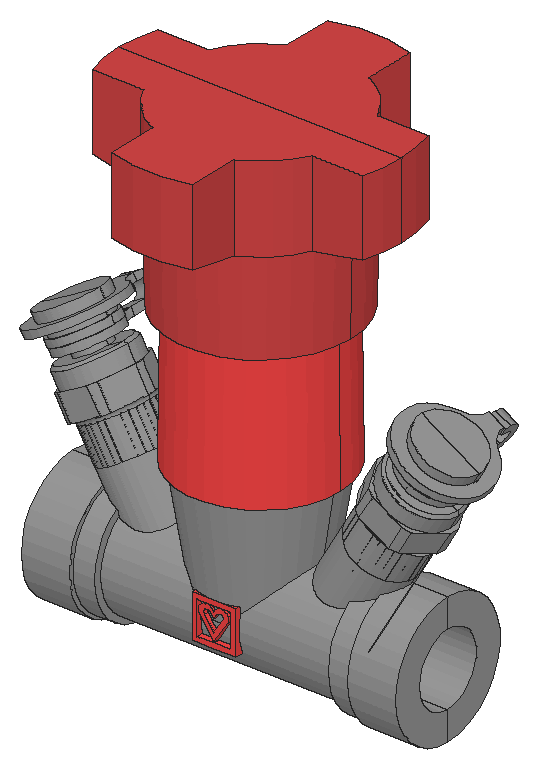
Revit family "HERZ Strömax Commissioning Valve With Test Points 4217 GN", category Rohrzubehör, Revit 2018
Family settings
  Bemaßung runder Anschluss = Durchmesser verwenden
  Teiletyp = Unterbricht
  OmniClass-Nummer = 23.65.55.14
  OmniClass-Titel = Valves for Liquid Services
  Arbeitsebenenbasiert = Nein
  Immer vertikal = Ja
  Beim Laden mit Abzugskörper schneiden = Nein
  Gemeinsam genutzt = Nein
Parameters
  kvs-value [instance] = if(Nennweite = 15.00 mm, 1.14, if(Nennweite = 20.00 mm, 2.38, if(Nennweite = 25.00 mm, 5.24, if(Nennweite = 32.00 mm, 8.6, if(Nennweite = 40.00 mm, 10.49, if(Nennweite = 50.00 mm, 16.78, 0))))))  # 1.14
  W02 = 60.00°  # constant formula
  W01 = 30.00°  # constant formula
  URL = "www.herzvalves.com"
  Spindle seals = "EPDM"  # constant formula
  Spindle = "brass CW617N"  # constant formula
  SC_NennweiteBerechnet = 0
  SC_Dimension = ""
  SCRNSEQ = "ARM;ARM_TYP=\"STRV\";2"
  SCRNCODE = "05;07;02"  # constant formula
  S02 = 60.00 mm  # constant formula
  S01 [instance] = DN15_DN50  # 92.00 mm
  R01 [instance] = size_lookup("4217_GN_", "R1", 1.00 mm, Nennweite)  # 11.35 mm
  Part number [instance] = size_lookup("4217_GN_", "Artnr", 0, Nennweite)  # 1421771
  Nennweite [instance] = 15.00 mm
  Model = "STRÖMAX-GN commissioning valve with equal percentage characteristic graph and test points, 1/2′′ – 2′′.\r\nScrew down model, brass version, socket x socket, non-rising spindle, spindle seal by means of double-O-ring, presetting by limitation of valve lift by means of internal spindle;\r\ndisplay of presetting step on the handwheel shaft."
  Medium = "Water purity in accordance with the OeNORM H5195 and VDI 2035 standards.\r\nEthylene and propylene glycol can be mixed to a ratio of 25 - 50 vol. %."
  Max. operating pressure = 2500000.0 Pa  # constant formula
  Max. operating temperature (up to DN32) = 130 °C  # constant formula
  Max. operating temperature (from DN40) = 110 °C  # constant formula
  ML02 [instance] = size_lookup("4217_GN_", "ML2", 1.00 mm, Nennweite)  # 29.70 mm
  ML01 [instance] = size_lookup("4217_GN_", "ML1", 1.00 mm, Nennweite)  # 15.15 mm
  MD01 = 7.40 mm  # constant formula
  L02 [instance] = size_lookup("4217_GN_", "L2", 1.00 mm, Nennweite)  # 10.00 mm
  L01 [instance] = size_lookup("4217_GN_", "L1", 1.00 mm, Nennweite)  # 14.70 mm
  L00 [instance] = size_lookup("4217_GN_", "L", 1.00 mm, Nennweite)  # 78.00 mm
  Internal threaded connectors = "acc. ISO 7/1"  # constant formula
  IG [instance] = Nennweite / 2  # 7.50 mm
  Hersteller = "HERZ Armaturen Ges.m.b.H."  # constant formula
  Hand wheel = "Polyamide, red"  # constant formula
  H01 = 41.50 mm  # constant formula
  H00 [instance] = size_lookup("4217_GN_", "H", 1.00 mm, Nennweite)  # 25.40 mm
  Weight [instance] = if(Nennweite = 15.00 mm, "0.50 kg", if(Nennweite = 20.00 mm, "0.58 kg", if(Nennweite = 25.00 mm, "0.81 kg", if(Nennweite = 32.00 mm, "1.2 kg", if(Nennweite = 40.00 mm, "1.37 kg", if(Nennweite = 50.00 mm, "2.06 kg", "0 kg"))))))  # "0.50 kg"
  GT [instance] = size_lookup("4217_GN_", "GT", 1.00 mm, Nennweite)  # 13.20 mm
  Field of application = "For hydraulic balancing in heating and cooling systems, adjustment of distribution mains, circuits, heat exchangers, heating and cooling registers, etc.\r\nClose the valve clockwise."
  Installation position = "The non-rising valve spindle arranged perpendicular to the valve axis guarantees optimum accessibility and optimum valve operation in any installation position."
  Differential pressure measurement = "STRÖMAX-GN commissioning valve is equipped with two test points.\r\nThe differential pressure can be measured using a suitable measuring instrument, which permits calculation of the flow rate as a function of the respective presetting step.\r\nThe HERZ-Measuring computer (1 8900 05) permits direct flow rate reading (consult the equipment manual)."
  DN50 [instance] = Nennweite = 50.00 mm  # no
  DN40 [instance] = Nennweite = 40.00 mm  # no
  DN32 [instance] = Nennweite = 32.00 mm  # no
  DN25 [instance] = Nennweite = 25.00 mm  # no
  DN20 [instance] = Nennweite = 20.00 mm  # no
  DN15_DN50 [instance] = if(Nennweite = 15.00 mm, 92.00 mm, if(Nennweite = 20.00 mm, 95.00 mm, if(Nennweite = 25.00 mm, 102.00 mm, if(Nennweite = 32.00 mm, 114.00 mm, if(Nennweite = 40.00 mm, 114.00 mm, if(Nennweite = 50.00 mm, 119.00 mm, 0.00 mm))))))  # 92.00 mm
  DN15 [instance] = Nennweite = 15.00 mm  # yes
  D05 = 16.75 mm  # constant formula
  D04 = 16.25 mm  # constant formula
  D03 [instance] = size_lookup("4217_GN_", "D3", 1.00 mm, Nennweite)  # 15.50 mm
  D02 [instance] = size_lookup("4217_GN_", "D2", 1.00 mm, Nennweite)  # 13.50 mm
  D01 [instance] = size_lookup("4217_GN_", "D1", 1.00 mm, Nennweite)  # 12.70 mm
  Body = "brass CW602N"  # constant formula
Reference planes
  plane 1 "Mitte (Vorne/hinten)": y = 0
  plane 2: z = 0
  plane 3 "Mitte (Links/rechts)": x = 0
Forms (mm)
  Revolve 1, solid, material "Messing, weicher Gelbton, geschweißt", detail levels fine
    sketch origin (0, 0, 0) x (1, 0, 0) y (0, 0, 1)
      loop
        line (-39, 13.5) -> (-39, 7.5) -> (-25.8, 7.5) -> (-25.8, 0) -> (25.8, 0) -> (25.8, 7.5) -> (39, 7.5) -> (39, 13.5) -> (29, 13.5) -> (29, 12.7) -> (24.3, 12.7) -> (24.3, 11.35) -> (-24.3, 11.35) -> (-24.3, 12.7) -> (-29, 12.7) -> (-29, 13.5) -> (-39, 13.5)
      axis (-39, 0) -> (39, 0)
    angle from 0 to 360
  Revolve 2, solid, material "Messing, weicher Gelbton, geschweißt", detail levels fine
    sketch origin (0, 0, 0) x (1, 0, 0) y (0, 0, 1)
      loop
        line (15.15, 0) -> (30, 25.721) -> (23.591, 29.421) -> (8.741, 3.7) -> (15.15, 0)
      axis (15.15, 0) -> (30, 25.721)
    angle from 0 to 360
  Revolve 3, solid, material "Messing, weicher Gelbton, geschweißt", detail levels fine
    sketch origin (0, 0, 0) x (-1, 0, 0) y (0, 0, 1)
      loop
        line (15.15, 0) -> (30, 25.721) -> (23.591, 29.421) -> (8.741, 3.7) -> (15.15, 0)
      axis (15.15, 0) -> (30, 25.721)
    angle from 0 to 360
  Revolve 4, solid, material "Messing, weicher Gelbton, geschweißt", detail levels fine
    sketch origin (0, 0, 0) x (1, 0, 0) y (0, 0, 1)
      loop
        line (0, 0) -> (0, 25.4) -> (-15.5, 25.4) -> (-11.35, 0) -> (0, 0)
      axis (0, 25.4) -> (0, 0)
    angle from 0 to 360
  Revolve 5, solid, material "Kunsstoff rot", detail levels fine
    sketch origin (0, 0, 0) x (1, 0, 0) y (0, 0, 1)
      loop
        line (0, 25.4) -> (0, 66.9) -> (-16.25, 66.9) -> (-16.75, 25.4) -> (0, 25.4)
      axis (0, 66.9) -> (0, 25.4)
    angle from 0 to 360
Lines and regions (mm)
  model lines, detail levels coarse+medium
    curve 1: line (-39, 0, 13.5) -> (-39, 0, -13.5)
    curve 2: line (-39, 0, -13.5) -> (39, 0, 13.5)
    curve 3: line (39, 0, 13.5) -> (39, 0, -13.5)
    curve 4: line (39, 0, -13.5) -> (-39, 0, 13.5)
    curve 5: line (0, 0, 0) -> (53.116, 0, 92)
    curve 6: line (27.135, 0, 107) -> (79.097, 0, 77)
    curve 7: line (-39, 13.5, 0) -> (-39, -13.5, 0)
    curve 8: line (-39, -13.5, 0) -> (39, 13.5, 0)
    curve 9: line (39, 13.5, 0) -> (39, -13.5, 0)
    curve 10: line (39, -13.5, 0) -> (-39, 13.5, 0)
    curve 11: line (0, 0, 0) -> (53.116, 92, 0)
    curve 12: line (27.135, 107, 0) -> (79.097, 77, 0)
Dimensions and locks
  "IG": Revolve 1 sketch curve to plane 2
  "GT": Revolve 1 sketch curve to Revolve 1 sketch curve  (x2)
  "IG": Revolve 1 sketch curve to Revolve 1 sketch curve
  "D01": Revolve 1 sketch curve to Revolve 1 sketch curve  (x2)
  "L02": Revolve 1 sketch curve to Revolve 1 sketch curve  (x2)
  "D02": Revolve 1 sketch curve to plane 2  (x2)
  equal spacing: Revolve 1 sketch curve, plane 3 "Mitte (Links/rechts)", Revolve 1 sketch curve
  "L00": Revolve 1 sketch curve to Revolve 1 sketch curve
  "R01": nested 1 to plane 1 "Mitte (Vorne/hinten)"
  "ML01": Revolve 2 sketch curve to plane 3 "Mitte (Links/rechts)"
  "ML02": Revolve 2 sketch curve to Revolve 2 sketch curve
  "MD01": Revolve 2 sketch curve to Revolve 2 sketch curve  (x2)
  "ML02": Revolve 3 sketch curve to Revolve 3 sketch curve
  "MD01": Revolve 3 sketch curve to Revolve 3 sketch curve  (x2)
  "ML01": plane 3 "Mitte (Links/rechts)" to Revolve 3 sketch curve
  "D02": curve 4 to plane 2 to curve 2
  "D02": curve 3 to plane 2 to curve 4
  equal spacing: curve 1, plane 3 "Mitte (Links/rechts)", curve 3
  "L00": curve 1 to curve 3
  equal spacing: Revolve 1, curve 5, Revolve 1
  "S01": curve 5 to plane 2
  equal spacing: curve 6, curve 5, curve 6
  "S02": curve 6 to curve 6
  "D02": curve 8 to plane 1 "Mitte (Vorne/hinten)" to curve 10
  "D02": curve 10 to plane 1 "Mitte (Vorne/hinten)" to curve 9
  equal spacing: curve 7, plane 3 "Mitte (Links/rechts)", curve 9
  "L00": curve 7 to curve 9
  equal spacing: curve 7, curve 11, curve 9
  "S01": plane 1 "Mitte (Vorne/hinten)" to curve 11
  equal spacing: curve 12, curve 11, curve 12
  "S02": curve 12 to curve 12
  "R01": Revolve 1 sketch curve to plane 2
  "H00": Revolve 4 sketch curve to plane 2
  "D03": Revolve 4 sketch curve to Revolve 4 sketch curve
  "R01": Revolve 4 sketch curve to Revolve 4 sketch curve
  "L01": Revolve 1 sketch curve to Revolve 1 sketch curve  (x2)
  "H01": Revolve 5 sketch curve to Revolve 5 sketch curve
  "H00": Revolve 5 sketch curve to plane 2
  "D04": Revolve 5 sketch curve to Revolve 5 sketch curve
  "D05": Revolve 5 sketch curve to Revolve 5 sketch curve
  "DN15_DN50": nested 14 to plane 2
  "W01": angle Revolve 2 sketch curve to plane 3 "Mitte (Links/rechts)"  (x2)
  "W01": angle plane 3 "Mitte (Links/rechts)" to Revolve 3 sketch curve  (x2)
  "W02": angle plane 2 to curve 5
  "W02": angle plane 1 "Mitte (Vorne/hinten)" to curve 11
  aligned and locked: level to plane 2
Automatic sketch dimensions
  Revolve 1 sketch curve to level = 0.00 mm  (x2)
  Revolve 1 sketch curve to Revolve 1 sketch curve = 1429.986 mm
  Revolve 1 sketch curve to Revolve 1 sketch curve = 1762.604 mm
  Revolve 2 sketch curve to level = 0.00 mm  (x2)
  Revolve 3 sketch curve to level = 0.00 mm  (x2)
  Revolve 4 sketch curve to level = 0.00 mm
  Revolve 4 sketch curve to plane 3 "Mitte (Links/rechts)" = 0.00 mm  (x2)
  Revolve 4 sketch curve to level = 366.045 mm
  Revolve 4 sketch curve to Revolve 4 sketch curve = 2188.915 mm
  Revolve 5 sketch curve to plane 3 "Mitte (Links/rechts)" = 0.00 mm  (x2)
  Revolve 5 sketch curve to level = 366.045 mm
  Revolve 5 sketch curve to Revolve 5 sketch curve = 2147.415 mm
Nested families
  nested 1: "Herz-Logo-vorne" at (0, -11.35, 0) x (0, 1, 0) z (0, 0, 1), type "Herz-Logo-vorne", detail levels fine
  nested 2: "Messstutzen_Band_Austritt_30Grad_(oben)" at (37.95, 0, 29.878), visible <- "DN50", type "Messstutzen_Band_Austritt_30Grad_(oben)", detail levels fine
    with Schutzkappe yes, Nennweite 0.00 mm, Gewicht 0.00 kg, Bestellnummer 0
  nested 3: "Messstutzen_Band_Eintritt_30Grad_(oben)" at (-37.95, 0, 29.878) x (-1, 0, 0) z (0, 0, 1), visible <- "DN50", type "Messstutzen_Band_Eintritt_30Grad_(oben)", detail levels fine
    with Schutzkappe yes, Nennweite 0.00 mm, Gewicht 0.00 kg, Bestellnummer 0
  nested 4: "Messstutzen_Band_Austritt_30Grad_(oben)" at (21.25, 0, 10.566), visible <- "DN15", type "Messstutzen_Band_Austritt_30Grad_(oben)", detail levels fine
    with Schutzkappe yes, Nennweite 0.00 mm, Gewicht 0.00 kg, Bestellnummer 0
  nested 5: "Messstutzen_Band_Eintritt_30Grad_(oben)" at (-21.25, 0, 10.566) x (-1, 0, 0) z (0, 0, 1), visible <- "DN15", type "Messstutzen_Band_Eintritt_30Grad_(oben)", detail levels fine
    with Schutzkappe yes, Nennweite 0.00 mm, Gewicht 0.00 kg, Bestellnummer 0
  nested 6: "Messstutzen_Band_Eintritt_30Grad_(oben)" at (-20.175, 0, 12.601) x (-1, 0, 0) z (0, 0, 1), visible <- "DN20", type "Messstutzen_Band_Eintritt_30Grad_(oben)", detail levels fine
    with Schutzkappe yes, Nennweite 0.00 mm, Gewicht 0.00 kg, Bestellnummer 0
  nested 7: "Messstutzen_Band_Austritt_30Grad_(oben)" at (20.175, 0, 12.601), visible <- "DN20", type "Messstutzen_Band_Austritt_30Grad_(oben)", detail levels fine
    with Schutzkappe yes, Nennweite 0.00 mm, Gewicht 0.00 kg, Bestellnummer 0
  nested 8: "Messstutzen_Band_Eintritt_30Grad_(oben)" at (-21.8, 0, 15.762) x (-1, 0, 0) z (0, 0, 1), visible <- "DN25", type "Messstutzen_Band_Eintritt_30Grad_(oben)", detail levels fine
    with Schutzkappe yes, Nennweite 0.00 mm, Gewicht 0.00 kg, Bestellnummer 0
  nested 9: "Messstutzen_Band_Austritt_30Grad_(oben)" at (21.8, 0, 15.762), visible <- "DN25", type "Messstutzen_Band_Austritt_30Grad_(oben)", detail levels fine
    with Schutzkappe yes, Nennweite 0.00 mm, Gewicht 0.00 kg, Bestellnummer 0
  nested 10: "Messstutzen_Band_Eintritt_30Grad_(oben)" at (-27.95, 0, 20.352) x (-1, 0, 0) z (0, 0, 1), visible <- "DN32", type "Messstutzen_Band_Eintritt_30Grad_(oben)", detail levels fine
    with Schutzkappe yes, Nennweite 0.00 mm, Gewicht 0.00 kg, Bestellnummer 0
  nested 11: "Messstutzen_Band_Austritt_30Grad_(oben)" at (27.95, 0, 20.352), visible <- "DN32", type "Messstutzen_Band_Austritt_30Grad_(oben)", detail levels fine
    with Schutzkappe yes, Nennweite 0.00 mm, Gewicht 0.00 kg, Bestellnummer 0
  nested 12: "Messstutzen_Band_Eintritt_30Grad_(oben)" at (-33.7, 0, 23.729) x (-1, 0, 0) z (0, 0, 1), visible <- "DN40", type "Messstutzen_Band_Eintritt_30Grad_(oben)", detail levels fine
    with Schutzkappe yes, Nennweite 0.00 mm, Gewicht 0.00 kg, Bestellnummer 0
  nested 13: "Messstutzen_Band_Austritt_30Grad_(oben)" at (33.7, 0, 23.729), visible <- "DN40", type "Messstutzen_Band_Austritt_30Grad_(oben)", detail levels fine
    with Schutzkappe yes, Nennweite 0.00 mm, Gewicht 0.00 kg, Bestellnummer 0
  nested 14: "Strangregulierventil-Handrad_(Rot) DN15-DN50" at (0, 0, 54.6), type "Strangregulierventil-Handrad_(Rot) DN15-DN50", detail levels fine
Connectors
  piping at (-25.8, 0, 0), diameter 15, driven by "Nennweite"
    settings: on Revolve 1, index 1, connector inside diameter 609.6 mm, connector length 0.00 mm, flow factor 0, pipe flow 0.0 L/s, pressure drop 0.0 Pa, fitting loss kfactor 0, connector angle 0.00°, fixture units 0, engagement length 0.00 mm, angle of deflection 0.00°, flow configuration 0, flow direction 1, fitting loss method 0, system type 29, joint type 0, gender type 0, connector reference index -1, connector utility 0, adjustable connector no, is connector primary yes, connector description ""
  piping at (25.8, 0, 0), diameter 15, driven by "Nennweite"
    settings: on Revolve 1, index 2, connector inside diameter 609.6 mm, connector length 0.00 mm, flow factor 0, pipe flow 0.0 L/s, pressure drop 0.0 Pa, fitting loss kfactor 0, connector angle 0.00°, fixture units 0, engagement length 0.00 mm, angle of deflection 0.00°, flow configuration 0, flow direction 2, fitting loss method 0, system type 29, joint type 0, gender type 0, connector reference index -1, connector utility 0, adjustable connector no, is connector primary no, connector description ""
Definition of nested family "Herz-Logo-vorne"
  Reference planes
    plane 1 "Mitte (Vorne/hinten)": y = 0
    plane 2: z = 0
    plane 3 "Mitte (Links/rechts)": x = 0
  Forms (mm)
    Extrusion 1, solid
      sketch origin (0.732, -0.018, 0.017) x (0, -1, 0) y (0, 0, 1)
        loop
          line (-0.018, -4.517) -> (4.482, -4.517) -> (4.482, 4.483) -> (-4.518, 4.483) -> (-4.518, -4.517) -> (-0.018, -4.517)
        loop
          line (-0.05, -3.48) -> (3.482, -3.48) -> (3.482, 3.483) -> (-3.518, 3.483) -> (-3.518, -3.48) -> (-0.05, -3.48)
        loop
          arc (-0.018, 2.383) -> (-1.543, 3.287) -> (-3.067, 2.383) r 1.738
          arc (-3.067, 2.383) -> (-3.191, 1.899) -> (-3.067, 1.415) r 1.009
          line (-3.067, 1.415) -> (-0.018, -3.281) -> (3.032, 1.415)
          arc (3.032, 1.415) -> (3.156, 1.899) -> (3.032, 2.383) r 1.009
          arc (3.032, 2.383) -> (1.507, 3.287) -> (-0.018, 2.383) r 1.738
        loop
          arc (1.885, 1.272) -> (2.005, 1.675) -> (1.885, 2.079) r 0.74
          arc (1.885, 2.079) -> (1.265, 2.416) -> (0.644, 2.079) r 0.74
          line (0.644, 2.079) -> (-0.018, 0.97) -> (-0.679, 2.079)
          arc (-0.679, 2.079) -> (-1.3, 2.416) -> (-1.921, 2.079) r 0.74
          arc (-1.921, 2.079) -> (-2.04, 1.675) -> (-1.921, 1.272) r 0.74
          line (-1.921, 1.272) -> (-0.018, -1.658) -> (1.885, 1.272)
      from 0 to 1.5
  Dimensions and locks
    aligned and locked: level to plane 2
Definition of nested family "Messstutzen_Band_Austritt_30Grad_(oben)"
  Parameters (values of type "Messstutzen_Band_Austritt_30Grad_(oben)")
    URL = "www.herz-armaturen.at"
    Schutzkappe [instance] = yes
    Nennweite [instance] = 0.00 mm
    Manufacturer = "Herz Armaturen GmbH"  # constant formula
    Gewicht [instance] = 0.00 kg
    Bestellnummer [instance] = 0
  Reference planes
    plane 1 "Mitte (Vorne/hinten)": y = 0
    plane 2: z = 0
    plane 3 "Mitte (Links/rechts)": x = 0
  Forms (mm)
    Revolve 1, solid, detail levels fine
      sketch origin (0, 0, 0) x (0.866025, 0, -0.5) y (0.5, 0, 0.866025)
        loop
          line (-7.4, 9) -> (-5.55, 9) -> (-5.55, 6)
          arc (-5.55, 6) -> (-5.626, 5.617) -> (-5.843, 5.293) r 1
          line (-5.843, 5.293) -> (-6.455, 4.681) -> (-6.455, 0.9) -> (-5.555, 0) -> (-2, 0) -> (-2, 17.5) -> (-8.4, 17.5)
          arc (-8.4, 17.5) -> (-7.693, 17.207) -> (-7.4, 16.5) r 1
          line (-7.4, 16.5) -> (-7.4, 9)
        loop
          line (-3.7, 27) -> (-7.3, 27) -> (-7.9, 26.4) -> (-7.9, 23) -> (-2, 23) -> (-2, 35.8) -> (-3.805, 35.8) -> (-4.415, 35.19) -> (-4.415, 30.863) -> (-3.7, 30.45) -> (-3.7, 27)
        axis (0, 0) -> (0, 35.8)
      angle from 0 to 360
    Extrusion 2, solid, detail levels fine
      sketch origin (8.75, 0, 15.155) x (0, 1, 0) y (-0.866025, 0, 0.5)
        loop
          arc (-7.07, 5.156) -> (-7.578, 4.375) -> (-8, 3.544) r 8.75
          line (-8, 3.544) -> (-8, -3.544)
          arc (-8, -3.544) -> (-7.578, -4.375) -> (-7.07, -5.156) r 8.75
          line (-7.07, -5.156) -> (-0.93, -8.7)
          arc (-0.93, -8.7) -> (0, -8.75) -> (0.93, -8.7) r 8.75
          line (0.93, -8.7) -> (7.07, -5.156)
          arc (7.07, -5.156) -> (7.578, -4.375) -> (8, -3.544) r 8.75
          line (8, -3.544) -> (8, 3.544)
          arc (8, 3.544) -> (7.578, 4.375) -> (7.07, 5.156) r 8.75
          line (7.07, 5.156) -> (0.93, 8.7)
          arc (0.93, 8.7) -> (0, 8.75) -> (-0.93, 8.7) r 8.75
          line (-0.93, 8.7) -> (-7.07, 5.156)
      from 0 to 5.5
    Revolve 3, solid, visible <- "Schutzkappe", detail levels fine
      sketch origin (0, 0, 0) x (0.866025, 0, -0.5) y (0.5, 0, 0.866025)
        loop
          line (0, 35.878) -> (0, 36.678) -> (-7, 36.678) -> (-7, 33.378) -> (-6.1, 33.378) -> (-6.1, 31.678) -> (-6.9, 31.678) -> (-6.9, 30.178) -> (-4.415, 30.178) -> (-4.415, 35.268) -> (-3.805, 35.878) -> (0, 35.878)
        axis (0, 30.178) -> (0, 36.678)
      angle from 0 to 360
    Extrusion 4, solid, detail levels fine
      sketch origin (14.25, 0, 24.682) x (0, 1, 0) y (0.866025, 0, -0.5)
        loop
          circle (0, 0) r 3.7
        loop
          arc (5.505, -3.906) -> (7.288, -2.358) -> (9.582, -1.8) r 5
          line (9.582, -1.8) -> (9.582, 1.8)
          arc (9.582, 1.8) -> (7.288, 2.358) -> (5.505, 3.906) r 5
          arc (5.505, 3.906) -> (-6.75, 0) -> (5.505, -3.906) r 6.75
      from 0 to -1.5
    Extrusion 5, solid, detail levels fine
      sketch origin (16.589, 0, 28.733) x (0, 1, 0) y (0.866025, 0, -0.5)
        loop
          circle (0, 0) r 6.1
        loop
          arc (8.652, -4.495) -> (10.493, -2.527) -> (13.089, -1.8) r 5
          line (13.089, -1.8) -> (13.089, 1.8)
          arc (13.089, 1.8) -> (10.493, 2.527) -> (8.652, 4.495) r 5
          arc (8.652, 4.495) -> (-9.75, 0) -> (8.652, -4.495) r 9.75
      from 0 to -1.5
    Sweep 6, solid, detail levels fine
      path origin (1.029, 0.159, 0.98) x (-0.5, 0, -0.866025) y (0, 1, 0)
        loop
          line (-27.75, 9.582) -> (-27.75, 14.522)
          arc (-27.75, 14.522) -> (-30.089, 16.862) -> (-32.428, 14.522) r 2.339
          line (-32.428, 14.522) -> (-32.428, 13.089)
      profile origin (14.904, 12.211, 25.012) x (0.5, 0, 0.866025) y (0.866025, 0, -0.5)
        loop
          line (-0.75, -1.8) -> (0.75, -1.8) -> (0.75, 1.8) -> (-0.75, 1.8) -> (-0.75, -1.8)
  Dimensions and locks
    aligned and locked: level to plane 2
Definition of nested family "Messstutzen_Band_Eintritt_30Grad_(oben)"
  Parameters (values of type "Messstutzen_Band_Eintritt_30Grad_(oben)")
    URL = "www.herz-armaturen.at"
    Schutzkappe [instance] = yes
    Nennweite [instance] = 0.00 mm
    Manufacturer = "Herz Armaturen GmbH"  # constant formula
    Gewicht [instance] = 0.00 kg
    Bestellnummer [instance] = 0
  Reference planes
    plane 1 "Mitte (Vorne/hinten)": y = 0
    plane 2: z = 0
    plane 3 "Mitte (Links/rechts)": x = 0
  Forms (mm)
    Revolve 1, solid, detail levels fine
      sketch origin (0, 0, 0) x (0.866025, 0, -0.5) y (0.5, 0, 0.866025)
        loop
          line (-7.4, 9) -> (-5.55, 9) -> (-5.55, 6)
          arc (-5.55, 6) -> (-5.626, 5.617) -> (-5.843, 5.293) r 1
          line (-5.843, 5.293) -> (-6.455, 4.681) -> (-6.455, 0.9) -> (-5.555, 0) -> (-2, 0) -> (-2, 17.5) -> (-8.4, 17.5)
          arc (-8.4, 17.5) -> (-7.693, 17.207) -> (-7.4, 16.5) r 1
          line (-7.4, 16.5) -> (-7.4, 9)
        loop
          line (-3.7, 27) -> (-7.3, 27) -> (-7.9, 26.4) -> (-7.9, 23) -> (-2, 23) -> (-2, 35.8) -> (-3.805, 35.8) -> (-4.415, 35.19) -> (-4.415, 30.863) -> (-3.7, 30.45) -> (-3.7, 27)
        axis (0, 0) -> (0, 35.8)
      angle from 0 to 360
    Extrusion 2, solid, detail levels fine
      sketch origin (8.75, 0, 15.155) x (0, 1, 0) y (-0.866025, 0, 0.5)
        loop
          arc (-7.07, 5.156) -> (-7.578, 4.375) -> (-8, 3.544) r 8.75
          line (-8, 3.544) -> (-8, -3.544)
          arc (-8, -3.544) -> (-7.578, -4.375) -> (-7.07, -5.156) r 8.75
          line (-7.07, -5.156) -> (-0.93, -8.7)
          arc (-0.93, -8.7) -> (0, -8.75) -> (0.93, -8.7) r 8.75
          line (0.93, -8.7) -> (7.07, -5.156)
          arc (7.07, -5.156) -> (7.578, -4.375) -> (8, -3.544) r 8.75
          line (8, -3.544) -> (8, 3.544)
          arc (8, 3.544) -> (7.578, 4.375) -> (7.07, 5.156) r 8.75
          line (7.07, 5.156) -> (0.93, 8.7)
          arc (0.93, 8.7) -> (0, 8.75) -> (-0.93, 8.7) r 8.75
          line (-0.93, 8.7) -> (-7.07, 5.156)
      from 0 to 5.5
    Revolve 3, solid, visible <- "Schutzkappe", detail levels fine
      sketch origin (0, 0, 0) x (0.866025, 0, -0.5) y (0.5, 0, 0.866025)
        loop
          line (0, 35.878) -> (0, 36.678) -> (-7, 36.678) -> (-7, 33.378) -> (-6.1, 33.378) -> (-6.1, 31.678) -> (-6.9, 31.678) -> (-6.9, 30.178) -> (-4.415, 30.178) -> (-4.415, 35.268) -> (-3.805, 35.878) -> (0, 35.878)
        axis (0, 30.178) -> (0, 36.678)
      angle from 0 to 360
    Extrusion 4, solid, detail levels fine
      sketch origin (14.25, 0, 24.682) x (0, 1, 0) y (0.866025, 0, -0.5)
        loop
          circle (0, 0) r 3.7
        loop
          arc (5.505, -3.906) -> (7.288, -2.358) -> (9.582, -1.8) r 5
          line (9.582, -1.8) -> (9.582, 1.8)
          arc (9.582, 1.8) -> (7.288, 2.358) -> (5.505, 3.906) r 5
          arc (5.505, 3.906) -> (-6.75, 0) -> (5.505, -3.906) r 6.75
      from 0 to -1.5
    Extrusion 5, solid, detail levels fine
      sketch origin (16.589, 0, 28.733) x (0, 1, 0) y (0.866025, 0, -0.5)
        loop
          circle (0, 0) r 6.1
        loop
          arc (8.652, -4.495) -> (10.493, -2.527) -> (13.089, -1.8) r 5
          line (13.089, -1.8) -> (13.089, 1.8)
          arc (13.089, 1.8) -> (10.493, 2.527) -> (8.652, 4.495) r 5
          arc (8.652, 4.495) -> (-9.75, 0) -> (8.652, -4.495) r 9.75
      from 0 to -1.5
    Sweep 6, solid, detail levels fine
      path origin (0.933, -0.183, 1.116) x (-0.5, 0, -0.866025) y (0, 1, 0)
        loop
          line (-27.75, 9.582) -> (-27.75, 14.522)
          arc (-27.75, 14.522) -> (-30.089, 16.862) -> (-32.428, 14.522) r 2.339
          line (-32.428, 14.522) -> (-32.428, 13.089)
      profile origin (14.808, 11.869, 25.148) x (0.5, 0, 0.866025) y (0.866025, 0, -0.5)
        loop
          line (-0.75, -1.8) -> (0.75, -1.8) -> (0.75, 1.8) -> (-0.75, 1.8) -> (-0.75, -1.8)
  Dimensions and locks
    aligned and locked: level to plane 2
Definition of nested family "Strangregulierventil-Handrad_(Rot) DN15-DN50"
  Reference planes
    plane 1 "Mitte (Vorne/hinten)": y = 0
    plane 2: z = 0
    plane 3 "Mitte (Links/rechts)": x = 0
  Forms (mm)
    Revolve 1, solid, detail levels fine
      sketch origin (0, 0, 0) x (1, 0, 0) y (0, 0, 1)
        loop
          line (0, 0) -> (0, 37.4) -> (-29.4, 37.4) -> (-29.4, 21.6) -> (-19.25, 19.5) -> (-18.9, 0) -> (0, 0)
        axis (0, 37.4) -> (0, 0)
      angle from 0 to 360
    Extrusion 2, void
      sketch origin (0, 0, 0) x (1, 0, 0) y (0, 1, 0)
        loop
          arc (-8.5, 17.528) -> (-13.774, 13.774) -> (-17.528, 8.5) r 19.48
          line (-17.528, 8.5) -> (-28.144, 8.5)
          arc (-28.144, 8.5) -> (-29.4, 0) -> (-28.144, -8.5) r 29.4
          line (-28.144, -8.5) -> (-17.528, -8.5)
          arc (-17.528, -8.5) -> (-13.774, -13.774) -> (-8.5, -17.528) r 19.48
          line (-8.5, -17.528) -> (-8.5, -28.144)
          arc (-8.5, -28.144) -> (0, -29.4) -> (8.5, -28.144) r 29.4
          line (8.5, -28.144) -> (8.5, -17.528)
          arc (8.5, -17.528) -> (13.774, -13.774) -> (17.528, -8.5) r 19.48
          line (17.528, -8.5) -> (28.144, -8.5)
          arc (28.144, -8.5) -> (29.4, 0) -> (28.144, 8.5) r 29.4
          line (28.144, 8.5) -> (17.528, 8.5)
          arc (17.528, 8.5) -> (13.774, 13.774) -> (8.5, 17.528) r 19.48
          line (8.5, 17.528) -> (8.5, 28.144)
          arc (8.5, 28.144) -> (0, 29.4) -> (-8.5, 28.144) r 29.4
          line (-8.5, 28.144) -> (-8.5, 17.528)
        loop
          circle (0, 0) r 33
      from 17.15 to 46.765
  Cuts and joins
    Extrusion 2 cuts Revolve 1
  Dimensions and locks
    aligned and locked: level to plane 2
